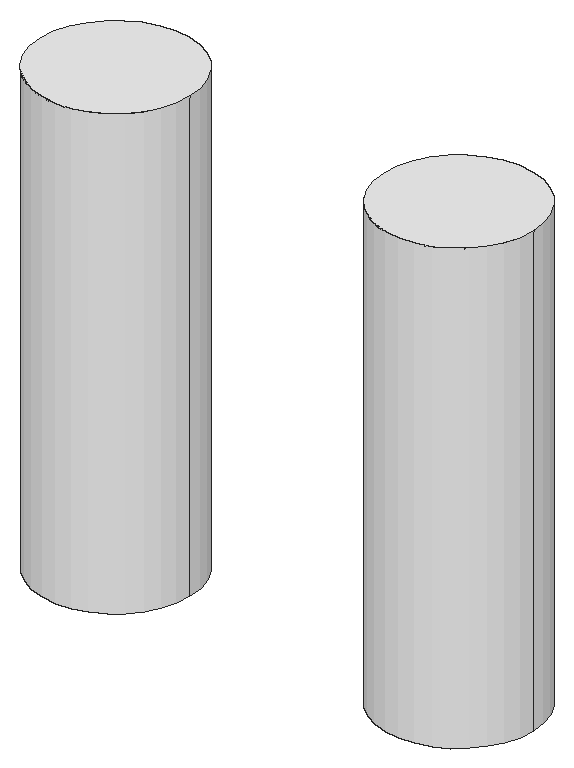
Revit family "51832293(2020)", category Plumbing Fixtures, Revit 2018
Family settings
  Round Connector Dimension = Use Diameter
  Part Type = Normal
  OmniClass Number = 23.45.55.00
  OmniClass Title = Sanitary Faucets, Wastes
  Work Plane-Based = No
  Always vertical = Yes
  Cut with Voids When Loaded = No
  Shared = No
  Room Calculation Point = No
Parameters (values of type "51832293 Washbasin faucet ")
  WorkingPressure = "50 - 1000 kPa"
  Working Pressure = "50 - 1000 kPa"
  WarrantyStartDate [instance] = "n/a"
  WarrantyGuarantorParts = "n/a"
  WarrantyGuarantorLabor = "n/a"
  WarrantyDurationUnit = "Year"
  WarrantyDurationParts = "n/a"
  WarrantyDurationLabor = "n/a"
  WarrantyDescription = "http://warranty.hansa.com"
  Warranty Information URL = "http://warranty.hansa.com"
  VersionDate = "01/07/2022"
  Version = "2"  # constant formula
  ValvePattern = "n/a"
  ValveOperation = "n/a"
  ValveMechanism = "n/a"
  Uniclass2015Reference = "Pr_40_20_87_96"
  Uniclass2015Description = "Washbasin manual water supply sets"
  Uniclass2 = "Pr_40_30_96_96"
  URL REACH = "http://static.hansa.com/doc/reach"
  URL Declaration of Conformity = "http://static.hansa.com/DoC/51832293"
  URL = ""
  UNSPSC Class Number = "30181700 Faucets or taps"
  TestPressure = "n/a"
  Technical DataSheet URL = "http://www.hansa.com/datasheet/51832293/en"
  TagNumber [instance] = "n/a"
  SustainabilityPerformance = "n/a"
  Surface treatment = "Chrome"
  Spout Type = "Fixed spout"
  Spout Projection = "125 mm"
  Spare-Part Information URL = "http://static.hansa.com/sp/51832293"
  Size = "50x178x198 mm"
  Shape = "Sculptured"
  SerialNumber [instance] = "n/a"
  Sales Package dimensions (LxWxH) = "380 x 180 x 74"
  Revision = "2"  # constant formula
  ReplacementCost = "n/a"
  ProductInformation = "Kitchen faucet with high spout."
  Product URL = "http://static.hansa.com/51832293"
  Product Image URL = "http://static.hansa.com/image/51832293"
  Product Family = "HANSADESIGNO Style "
  Product Code = "51832293"
  OperatingMechanismMaterial = "n/a"
  NominalWidth = 50 mm
  NominalHeight = 197.85 mm
  NominalDepth = 177.5 mm
  Noise Class = "I (ISO 3822)"
  Name_en = "51832293 Washbasin faucet"
  Name = "51832293 Washbasin faucet"
  NBSReference = "45-35-70/371"
  NBSDescription = "Water supply fittings for wash basins and troughs"
  Mounting Holes = "1 hole"
  ModelReference = "51832293"
  ModelNumber = "n/a"
  Model = "51832293 Washbasin faucet"
  Mobile Product Information URL = "http://mpi.hansa.com/51832293"
  Mechanical Parts = "ø 25 mm ceramic cartridge for flow and temperature control"
  Max. Hot Water Supply = 70 °C
  Material = "Brass"
  Market = "International;Germany;Austria;Belgium;Netherlands;France;Czech Republic;Slovakia;Italy;Spain"
  ManufacturerURL = "http://www.hansa.com"
  ManufacturerName = "HANSA"
  Manufacturer = "HANSA"
  Lever Handle = "Single operating lever/handle;Hot/Cold symbols"
  Keynote = ""
  Interactive AR View URL = "https://static.hansa.com/AR/51832293"
  InstallationDate [instance] = "n/a"
  Installation and Maintenance Guide URL = "http://static.hansa.com/manual/51832293"
  Installation Type = "Deck mounted"
  InletConnectionSize = 10 mm
  IfcExportType = "FAUCET"  # constant formula
  IfcExportAs = "IfcValveType"  # constant formula
  Group = "Washbasin faucet"
  Grade = "n/a"
  FlowCoefficient = 0
  Flow Rate At 300kPa With Flow Controller = 0.1 L/s
  Flow Drawing URL = "http://static.hansa.com/flowchart/51832293"
  Finish = "Polished"
  Features = "Single-lever"
  FaucetMainMaterial = Brass
  FDV Document URL = "http://www.hansa.com/datasheet/51832293/en/fdv"
  Extensions = "Pop-up waste with draw-rod"
  ExpectedLife = "n/a"
  ETIM Class Number = "EC011328 Washbasin mixing tap"
  EN Standard = "EN 817"
  EAN Number = "4057304015106"
  DurationUnit = "Year"
  Dimension Drawing URL = "http://static.hansa.com/dimdrw/51832293"
  Description = ""
  DefaultElevation [instance] = 900 mm
  Constituents = "n/a"
  Connection Size = "G3/8"
  Connection = "Flexible inlet pipes"
  Color = "Chrome"
  CodePerformance = "n/a"
  CloseOffRating = 0
  Category = "Bathroom"
  Catalog Drawing URL = "http://static.hansa.com/catdrw/51832293"
  Brand = "HANSA"
  BodyMaterial = "Brass"
  Barcode [instance] = "n/a"
  Backflow Prevention EN1717 = "AA"
  BIMObjectName = "51832293(2020)"
  Author = "BIMStone"
  AssetType = "Fixed"
  AssetIdentifier [instance] = "n/a"
  Ambience photo = "http://static.hansa.com/ambience/51832293"
  Aerator = "PCA® - constant flow rate regardless of pressure variations"
  AccessibilityPerformance = "n/a"
  3D View = "https://static.hansa.com/3D/51832293"
  2D/3D/BIM Files URL = "http://static.hansa.com/bim/51832293"
Reference planes
  plane 1 "Center (Front/Back)": y = 0
  plane 2: z = 0
  plane 3 "Center (Left/Right)": x = 0
  plane 4: x = -25
  plane 5: z = 900
  plane 6: z = 870
  plane 7: y = -177.5
  plane 8: x = 25
  plane 9: z = 1097.85
Forms (mm)
  Extrusion 1, solid, material "Brass" <- "FaucetMainMaterial"
    sketch origin (0, -16.366, 0) x (1, 0, 0) y (0, 1, 0)
      loop
        circle (-11.5, -22.5) r 5
      loop
        circle (11.5, -22.5) r 5
    from 870 to 900
Dimensions and locks
  "DefaultElevation": plane 5 to level
  locked: plane 5 to plane 6 at 30
  equal spacing: plane 4, plane 3 "Center (Left/Right)", plane 8
  "NominalWidth": plane 4 to plane 8
  "NominalHeight": plane 9 to plane 5
  "NominalDepth": plane 7 to plane 1 "Center (Front/Back)"
  "InletConnectionSize": diameter of Extrusion 1 sketch curve  (x2)
  aligned and locked: level to plane 2
  aligned and locked: plane 5 to Extrusion 1
  aligned and locked: Extrusion 1 to plane 6
  aligned and locked: plane 7 to nested 2
Automatic sketch dimensions
  Extrusion 1 sketch curve to plane 3 "Center (Left/Right)" = 11.5 mm
  plane 3 "Center (Left/Right)" to Extrusion 1 sketch curve = 11.5 mm
  plane 1 "Center (Front/Back)" to Extrusion 1 sketch curve = 38.866 mm  (x2)
Nested families
  nested 1: "Symbol" at (0, 0, 0), type "Symbol", detail levels coarse
  nested 2: "51832293(2020)_p" at (0, 0, 900), Material 1 <- "FaucetMainMaterial", type "51832293(2020)_p"
    with Material 1 Brass
Connectors
  piping at (-11.5, -38.866, 870), diameter 10, driven by "InletConnectionSize"
    settings: on Extrusion 1, index 1, connector inside diameter 609.6 mm, connector length 0 mm, flow factor 0, pipe flow 0.0 L/s, pressure drop 0.0 Pa, fitting loss kfactor 0, connector angle 0.00°, fixture units 0, engagement length 0 mm, angle of deflection 0.00°, flow configuration 1, flow direction 1, fitting loss method 0, system type 19, joint type 0, gender type 0, connector reference index -1, connector utility 0, adjustable connector no, is connector primary yes, connector description ""
  piping at (11.5, -38.866, 870), diameter 10, driven by "InletConnectionSize"
    settings: on Extrusion 1, index 2, connector inside diameter 609.6 mm, connector length 0 mm, flow factor 0, pipe flow 0.0 L/s, pressure drop 0.0 Pa, fitting loss kfactor 0, connector angle 0.00°, fixture units 0, engagement length 0 mm, angle of deflection 0.00°, flow configuration 1, flow direction 1, fitting loss method 0, system type 20, joint type 0, gender type 0, connector reference index -1, connector utility 0, adjustable connector no, is connector primary no, connector description ""
Definition of nested family "Symbol"
  Reference planes
    plane 1: y = 0
    plane 2: x = 0
  Lines and regions (mm)
    detail lines
      curve 1: line (0, 0, 0) -> (0, -1.8, 0)
      curve 2: line (-0.4, -1.1, 0) -> (0.4, -1.1, 0)
      curve 3: line (-0.4, -1.4, 0) -> (0.4, -1.4, 0)
      curve 4: line (0.863, 0, 0) -> (-0.863, 0, 0)
      curve 5: circle (-1.163, 0, 0) r 0.3 normal (0, 0, -1)
      curve 6: circle (1.163, 0, 0) r 0.3 normal (0, 0, 1)
Definition of nested family "51832293(2020)_p"
  Parameters (values of type "51832293(2020)_p")
    Material 1 [instance] = none
  Reference planes
    plane 1 "Center (Front/Back)": y = 0
    plane 2: z = 0
    plane 3 "Center (Left/Right)": x = 0
  Forms (mm)
    Revolve 1, solid, material <- "Material 1", detail levels coarse+medium
      sketch origin (0, 0, 0) x (0, 1, 0) y (0, 0, 1)
        loop
          line (-37.5, 5) -> (-37.5, 0) -> (-12.5, 0) -> (-12.5, 5) -> (-17.5, 5) -> (-17.5, 197.85) -> (-37.5, 197.85) -> (-37.5, 5)
        axis (-37.5, 197.85) -> (-37.5, 0)
      angle from 0 to 360
    Extrusion 2, solid, material <- "Material 1", detail levels coarse+medium
      sketch origin (0, 0, 0) x (1, 0, 0) y (0, 0, 1)
        loop
          line (10, 197.85) -> (-10, 197.85) -> (-10, 189.55) -> (10, 189.55) -> (10, 197.85)
      from 50.634 to 122.631
    Extrusion 3, solid, material <- "Material 1", detail levels coarse+medium
      sketch origin (0, 0, 0) x (1, 0, 0) y (0, 0, 1)
        loop
          circle (0, 137.837) r 12.396
      from 45.274 to 177.5
    Revolve 4, solid, material <- "Material 1", detail levels coarse+medium
      sketch origin (0, 0, 0) x (0, 1, 0) y (0, 0, 1)
        loop
          line (-162.406, 123.03) -> (-160.739, 132.485) -> (-170.845, 134.266) -> (-172.512, 124.812) -> (-162.406, 123.03)
        axis (-162.406, 123.03) -> (-160.739, 132.485)
      angle from 0 to 360
    Extrusion 5, solid, material <- "Material 1", detail levels coarse+medium
      sketch origin (0, 0, 0) x (1, 0, 0) y (0, 0, 1)
        loop
          circle (0, 39.562) r 3
      from 0 to 28
    Extrusion 6, solid, material <- "Material 1", detail levels coarse
      sketch origin (0, 0, 0) x (1, 0, 0) y (0, 1, 0)
        loop
          line (-25, 0) -> (-25, -177.5) -> (24.998, -177.5) -> (24.998, 0) -> (-25, 0)
      from 0 to 197.85
  Cuts and joins
    joined: Revolve 1, Extrusion 2, Extrusion 3, Revolve 4, Extrusion 5
  Lines and regions (mm)
    symbolic lines, detail levels medium+fine
      curve 1: line (0, -120.375, 197.85) -> (0, -19.133, 197.85)
      curve 2: arc (0, -19.133, 197.85) -> (0, -17.728, 197.268) -> (0, -17.146, 195.863) r 1.987
      curve 3: line (0, -17.146, 195.863) -> (0, -17.146, 182.68)
      curve 4: line (0, -17.146, 182.68) -> (0, -18.428, 182.68)
      curve 5: line (0, -17.229, 179.843) -> (0, -17.229, 42.561)
      curve 6: line (0, -17.229, 5) -> (0, -12.5, 5)
      curve 7: line (0, -12.5, 5) -> (0, -12.5, 0)
      curve 8: line (0, -12.5, 0) -> (0, -62.5, 0)
      curve 9: line (0, -62.5, 0) -> (0, -62.5, 5)
      curve 10: line (0, -62.5, 5) -> (0, -57.75, 5)
      curve 11: line (0, -57.75, 5) -> (0, -57.75, 119.214)
      curve 12: arc (0, -57.75, 119.214) -> (0, -59.45, 123.317) -> (0, -63.553, 125.017) r 5.803
      curve 13: line (0, -63.553, 125.017) -> (0, -151.658, 125.017)
      curve 14: line (0, -177.499, 128.036) -> (0, -177.499, 147.262)
      curve 15: arc (0, -174.492, 125.017) -> (0, -176.619, 125.905) -> (0, -177.499, 128.036) r 3.019
      curve 16: line (0, -63.75, 150.002) -> (0, -174.462, 150.002)
      curve 17: arc (0, -174.462, 150.002) -> (0, -176.507, 149.216) -> (0, -177.499, 147.262) r 3.053
      curve 18: arc (0, -57.723, 156.029) -> (0, -59.488, 151.767) -> (0, -63.75, 150.002) r 6.027
      curve 19: line (0, -57.723, 156.029) -> (0, -57.723, 179.843)
      curve 20: arc (0, -57.723, 179.843) -> (0, -57.251, 181.302) -> (0, -56.577, 182.68) r 10.788
      curve 21: line (0, -56.577, 182.68) -> (0, -57.417, 182.68)
      curve 22: arc (0, -57.417, 182.68) -> (0, -57.579, 182.747) -> (0, -57.646, 182.908) r 0.229
      curve 23: line (0, -57.646, 182.908) -> (0, -57.646, 185.58)
      curve 24: arc (0, -57.646, 185.58) -> (0, -58.804, 188.376) -> (0, -61.601, 189.534) r 3.955
      curve 25: line (0, -61.601, 189.534) -> (0, -116.601, 189.534)
      curve 26: arc (0, -116.601, 189.534) -> (0, -120.705, 191.234) -> (0, -122.404, 195.338) r 5.804
      curve 27: arc (0, -122.404, 195.338) -> (0, -121.834, 196.953) -> (0, -120.375, 197.85) r 2.569
      curve 30: arc (0, -18.428, 182.68) -> (0, -17.771, 181.285) -> (0, -17.229, 179.843) r 19.061
      curve 33: line (0, -152.509, 121.285) -> (0, -172.304, 124.776)
      curve 34: arc (0, -172.304, 124.776) -> (0, -172.439, 124.861) -> (0, -172.474, 125.017) r 0.209
      curve 35: arc (0, -152.289, 121.44) -> (0, -152.367, 121.317) -> (0, -152.509, 121.285) r 0.19
      curve 36: line (0, -152.289, 121.44) -> (0, -151.658, 125.017)
      curve 38: line (0, -172.474, 125.017) -> (0, -174.492, 125.017)
      curve 39: line (0, 0, 42.561) -> (0, -17.229, 42.561)
      curve 40: line (0, 0, 42.561) -> (0, 0, 36.542)
      curve 41: line (0, 0, 36.542) -> (0, -17.229, 36.542)
      curve 43: line (0, -17.229, 36.542) -> (0, -17.229, 5)
      curve 45: line (-20.25, 0, 5) -> (-25, 0, 5)
      curve 46: line (0, 0, 0) -> (-25, 0, 0)
      curve 47: line (-25, 0, 0) -> (-25, 0, 5)
      curve 48: line (-20.25, 0, 5) -> (-20.25, 0, 179.79)
      curve 49: arc (-20.25, 0, 179.79) -> (-20.192, 0, 179.935) -> (-20.05, 0, 180) r 0.211
      curve 50: line (-20.03, 0, 182.68) -> (-19.074, 0, 182.68)
      curve 51: arc (-19.074, 0, 182.68) -> (-19.633, 0, 181.49) -> (-20.132, 0, 180.274) r 25.817
      curve 52: arc (-20.132, 0, 180.274) -> (-20.137, 0, 180.123) -> (-20.05, 0, 180) r 0.235
      curve 55: arc (-20.232, 0, 182.882) -> (-20.173, 0, 182.739) -> (-20.03, 0, 182.68) r 0.202
      curve 56: line (-20.232, 0, 182.882) -> (-20.232, 0, 195.858)
      curve 57: arc (-20.232, 0, 195.858) -> (-19.645, 0, 197.27) -> (-18.23, 0, 197.85) r 1.992
      curve 58: line (-18.23, 0, 197.85) -> (0, 0, 197.85)
      curve 67: line (20.25, 0, 5) -> (25, 0, 5)
      curve 68: line (0, 0, 0) -> (25, 0, 0)
      curve 69: line (25, 0, 0) -> (25, 0, 5)
      curve 70: line (20.25, 0, 5) -> (20.25, 0, 179.79)
      curve 71: line (20.03, 0, 182.68) -> (19.074, 0, 182.68)
      curve 72: arc (19.074, 0, 182.68) -> (19.633, 0, 181.49) -> (20.132, 0, 180.274) r 25.817
      curve 75: line (20.232, 0, 182.882) -> (20.232, 0, 195.858)
      curve 76: arc (20.232, 0, 195.858) -> (19.645, 0, 197.27) -> (18.23, 0, 197.85) r 1.992
      curve 77: line (18.23, 0, 197.85) -> (0, 0, 197.85)
      curve 84: arc (20.232, 0, 182.882) -> (20.173, 0, 182.739) -> (20.03, 0, 182.68) r 0.202
      curve 85: arc (20.132, 0, 180.274) -> (20.137, 0, 180.123) -> (20.05, 0, 180) r 0.235
      curve 86: arc (20.25, 0, 179.79) -> (20.192, 0, 179.935) -> (20.05, 0, 180) r 0.211
      curve 89: line (-9.5, -177.5, 0) -> (9.5, -177.5, 0)
      curve 90: arc (9.5, -177.5, 0) -> (11.673, -176.6, 0) -> (12.573, -174.427, 0) r 3.073
      curve 91: line (12.573, -174.427, 0) -> (12.573, -59.108, 0)
      curve 92: arc (-9.5, -177.5, 0) -> (-11.673, -176.6, 0) -> (-12.573, -174.427, 0) r 3.073
      curve 93: line (-12.573, -174.427, 0) -> (-12.573, -59.108, 0)
      curve 103: arc (12.573, -59.108, 0) -> (24.486, -32.456, 0) -> (3.01, -12.682, 0) r 25
      curve 105: line (-3.01, -12.682, 0) -> (-3.01, 0, 0)
      curve 106: line (-3.01, 0, 0) -> (0, 0, 0)
      curve 107: line (3.01, -12.682, 0) -> (3.01, 0, 0)
      curve 108: line (3.01, 0, 0) -> (0, 0, 0)
      curve 109: arc (-3.01, -12.682, 0) -> (-24.486, -32.456, 0) -> (-12.573, -59.108, 0) r 25
    symbolic lines, detail levels fine
      curve 28: line (0, -18.428, 182.68) -> (0, -56.577, 182.68)
      curve 29: line (0, -57.723, 179.843) -> (0, -17.229, 179.843)
      curve 31: arc (0, -57.723, 156.029) -> (0, -51.097, 137.505) -> (0, -57.75, 118.991) r 29.148
      curve 32: line (0, -17.229, 5) -> (0, -57.75, 5)
      curve 37: line (0, -151.658, 125.017) -> (0, -172.474, 125.017)
      curve 42: line (0, -17.229, 42.561) -> (0, -17.229, 36.542)
      curve 44: line (-20.25, 0, 5) -> (0, 0, 5)
      curve 53: line (-19.074, 0, 182.68) -> (0, 0, 182.68)
      curve 54: line (-20.05, 0, 180) -> (0, 0, 180)
      curve 59: arc (-6.492, 0, 197.85) -> (-7.904, 0, 197.265) -> (-8.489, 0, 195.853) r 1.997
      curve 60: arc (-8.489, 0, 195.853) -> (-7.03, 0, 191.234) -> (-2.487, 0, 189.55) r 5.513
      curve 61: line (-2.487, 0, 189.55) -> (0, 0, 189.55)
      curve 62: spline (0, 0, 154.609) -> (-3.882, 0, 153.986) -> (-7.5, 0, 152.159) -> (-10.607, 0, 149.253) -> (-12.99, 0, 145.466) -> (-14.489, 0, 141.055) -> (-15, 0, 136.322) -> (-14.489, 0, 131.589) -> (-12.99, 0, 127.179) -> (-10.607, 0, 123.391) -> (-7.5, 0, 120.485) -> (-3.882, 0, 118.658) -> (0, 0, 118.035)
      curve 63: circle (0, 0, 137.581) r 12.471 normal (0, -1, 0)
      curve 64: circle (0, 0, 137.581) r 10 normal (0, -1, 0)
      curve 65: spline (-10.319, 0, 123.189) -> (-9.967, 0, 123.646) -> (-8.936, 0, 124.072) -> (-7.297, 0, 124.437) -> (-5.159, 0, 124.718) -> (-2.671, 0, 124.894) -> (0, 0, 124.954) -> (2.671, 0, 124.894) -> (5.159, 0, 124.718) -> (7.297, 0, 124.437) -> (8.936, 0, 124.072) -> (9.967, 0, 123.646) -> (10.319, 0, 123.189) -> (9.967, 0, 122.732) -> (8.936, 0, 122.307) -> (7.297, 0, 121.941) -> (5.159, 0, 121.661) -> (2.671, 0, 121.484) -> (0, 0, 121.424) -> (-2.671, 0, 121.484) -> (-5.159, 0, 121.661) -> (-7.297, 0, 121.941) -> (-8.936, 0, 122.307) -> (-9.967, 0, 122.732) -> (-10.319, 0, 123.189)
      curve 66: line (20.25, 0, 5) -> (0, 0, 5)
      curve 73: line (19.074, 0, 182.68) -> (0, 0, 182.68)
      curve 74: line (20.05, 0, 180) -> (0, 0, 180)
      curve 78: arc (6.492, 0, 197.85) -> (7.904, 0, 197.265) -> (8.489, 0, 195.853) r 1.997
      curve 79: arc (8.489, 0, 195.853) -> (7.03, 0, 191.234) -> (2.487, 0, 189.55) r 5.513
      curve 80: line (2.487, 0, 189.55) -> (0, 0, 189.55)
      curve 81: spline (0, 0, 154.609) -> (3.882, 0, 153.986) -> (7.5, 0, 152.159) -> (10.607, 0, 149.253) -> (12.99, 0, 145.466) -> (14.489, 0, 141.055) -> (15, 0, 136.322) -> (14.489, 0, 131.589) -> (12.99, 0, 127.179) -> (10.607, 0, 123.391) -> (7.5, 0, 120.485) -> (3.882, 0, 118.658) -> (0, 0, 118.035)
      curve 82: circle (0, 0, 137.581) r 10 normal (0, 1, 0)
      curve 83: spline (10.319, 0, 123.189) -> (9.967, 0, 123.646) -> (8.936, 0, 124.072) -> (7.297, 0, 124.437) -> (5.159, 0, 124.718) -> (2.671, 0, 124.894) -> (0, 0, 124.954) -> (-2.671, 0, 124.894) -> (-5.159, 0, 124.718) -> (-7.297, 0, 124.437) -> (-8.936, 0, 124.072) -> (-9.967, 0, 123.646) -> (-10.319, 0, 123.189) -> (-9.967, 0, 122.732) -> (-8.936, 0, 122.307) -> (-7.297, 0, 121.941) -> (-5.159, 0, 121.661) -> (-2.671, 0, 121.484) -> (0, 0, 121.424) -> (2.671, 0, 121.484) -> (5.159, 0, 121.661) -> (7.297, 0, 121.941) -> (8.936, 0, 122.307) -> (9.967, 0, 122.732) -> (10.319, 0, 123.189)
      curve 87: line (10.319, 0, 123.189) -> (10.319, 0, 130.578)
      curve 88: line (-10.319, 0, 123.189) -> (-10.319, 0, 130.578)
      curve 94: line (-8.487, -58.146, 0) -> (-8.487, -61.015, 0)
      curve 95: line (8.513, -58.595, 0) -> (8.513, -61.006, 0)
      curve 96: arc (-8.487, -113.875, 0) -> (0.013, -122.375, 0) -> (8.513, -113.875, 0) r 8.5
      curve 97: line (-8.487, -61.015, 0) -> (-8.487, -113.875, 0)
      curve 98: line (8.513, -61.006, 0) -> (8.513, -113.875, 0)
      curve 99: arc (8.513, -61.006, 0) -> (10.585, -60.148, 0) -> (12.573, -59.108, 0) r 25
      curve 100: arc (-10.376, -54.721, 0) -> (-8.991, -56.19, 0) -> (-8.487, -58.146, 0) r 4.051
      curve 101: arc (10.376, -54.721, 0) -> (8.888, -56.391, 0) -> (8.513, -58.595, 0) r 4.051
      curve 102: arc (10.376, -54.721, 0) -> (0, -18.859, 0) -> (-10.376, -54.721, 0) r 19.432
      curve 104: arc (-12.573, -59.108, 0) -> (-10.573, -60.154, 0) -> (-8.487, -61.015, 0) r 25
      curve 110: arc (3.01, -12.682, 0) -> (0, -12.5, 0) -> (-3.01, -12.682, 0) r 25
  Dimensions and locks
    aligned and locked: level to plane 2
